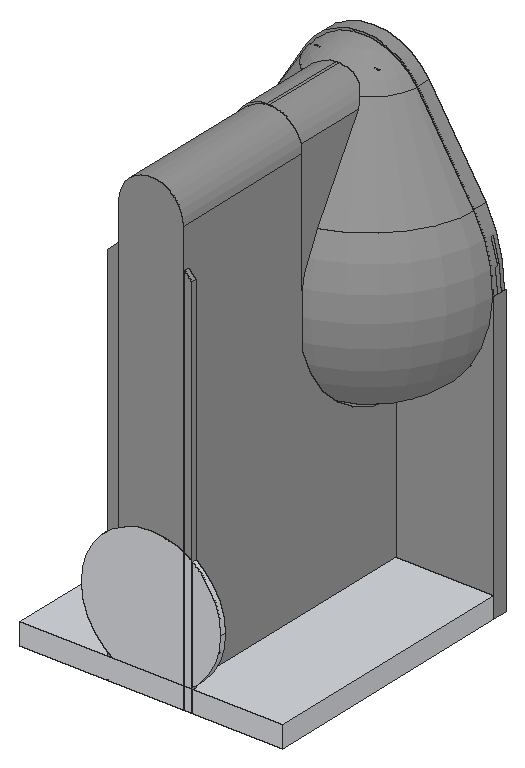
Revit family "Toilet-Willoughby-ASETF-1490-FM-BS", category Plumbing Fixtures, Revit 2015
Parameters (values of type "Standard")
  Waste DIA = 2 3/8"
  Waste Connection = yes
  W-RAD [instance] = Waste DIA / 2  # 0' - 1 3/16"
  Vent Connection = no
  URL = "https://www.willoughby-ind.com/wp-content/uploads/2018/01/ASETF-1490-FM.pdf"
  Type Comments = ""
  Revision = "A"
  Model = "ASETF-1490-FM-BS"
  Manufacturer = "Willoughby Industries"
  HW Connection = no
  Flush inlet DIA = 1 1/2"
  Flush Inlet Connection = yes
  Fixture Body = Stainless Steel AISI 304-Willoughby
  F-RAD [instance] = Flush inlet DIA / 2  # 0' - 0 3/4"
  Description = "Ligature resistant, Floor Outlet, Floor Mounted, Blowout Toilet, Back Spud"
  Default Elevation = 0' - 0"
  Contact Number = "(800) 428-4065"
  CW Connection = no
Reference planes (in)
  plane 1 "Base": y = -16.25
  plane 2: z = 0
  plane 3 "Center": x = 18.31072
  plane 4 "Waste height": y = -4.75
  plane 5: y = -1.25
  plane 6: z = -6.75
  plane 7: y = -2.125
  plane 8: y = -14.0625
  plane 9: y = 0.5
  plane 10: x = 16.56072
  plane 11: x = 20.06072
  plane 12: x = 11.56072
  plane 13: x = 25.06072
  plane 14: z = -3
  plane 15: z = 25
Forms (in)
  Extrusion 1, solid, material "Stainless Steel AISI 304-Willoughby" <- "Fixture Body"
    sketch origin (16.08109, 7.47968, -7.1422) x (-1, 0, 0) y (0, 0, -1)
      loop
        line (4.79427, -22.6422) -> (4.83287, -22.6422) -> (4.83287, -7.1422) -> (-9.29213, -7.1422) -> (-9.29213, -22.6422) -> (-9.19876, -22.6422)
        arc (-9.19876, -22.6422) -> (-8.97822, -24.61978) -> (-8.21015, -26.45542) r 7
        line (-8.21015, -26.45542) -> (-5.16818, -31.31054)
        arc (-5.16818, -31.31054) -> (-2.20225, -32.95225) -> (0.76368, -31.31054) r 3.5
        line (0.76368, -31.31054) -> (3.80565, -26.45542)
        arc (3.80565, -26.45542) -> (4.57373, -24.61978) -> (4.79427, -22.6422) r 7
      loop
        arc (2.03989, -24.70557) -> (-2.20225, -18.23804) -> (-6.44438, -24.70557) r 4.625
        line (-6.44438, -24.70557) -> (-4.04125, -30.23842)
        arc (-4.04125, -30.23842) -> (-2.20225, -31.45225) -> (-0.36324, -30.23842) r 2
        line (-0.36324, -30.23842) -> (2.03989, -24.70557)
    from 8.72968 to 9.5
  Revolve 2, solid, material "Stainless Steel AISI 304-Willoughby" <- "Fixture Body"
    sketch origin (19.37246, -1.52032, -3.93826) x (-1, 0, 0) y (0, 0, -1)
      loop
        line (1.06174, -12.59906) -> (1.06174, -12.84906)
        arc (1.06174, -12.84906) -> (6.96784, -16.33096) -> (6.78077, -23.18447) r 6.75
        line (6.78077, -23.18447) -> (3.81535, -27.91457)
        arc (3.81535, -27.91457) -> (2.63527, -29.03194) -> (1.06174, -29.43826) r 3.25
        line (1.06174, -29.43826) -> (1.06174, -29.68826)
        arc (1.06174, -29.68826) -> (2.75672, -29.25045) -> (4.02767, -28.04656) r 3.5
        line (4.02767, -28.04656) -> (7.06964, -23.19143)
        arc (7.06964, -23.19143) -> (7.15052, -16.14555) -> (1.06174, -12.59906) r 7
      axis (1.06174, -12.59906) -> (1.06174, -29.68826)
    angle from 0 to -180
  Extrusion 3, solid, material "Stainless Steel AISI 304-Willoughby" <- "Fixture Body"
    sketch origin (19.53334, -3.02032, -4.9508) x (0, 1, 0) y (0, 0, 1)
      loop
        line (-5.27082, 4.9508) -> (1, 4.9508) -> (1, 13.76086)
        arc (1, 13.76086) -> (-2.93256, 15.26109) -> (-5.27082, 18.76086) r 6.92744
        line (-5.27082, 18.76086) -> (-5.27082, 4.9508)
    from 0.52738 to -2.97262
  Extrusion 4, solid, material "Stainless Steel AISI 304-Willoughby" <- "Fixture Body"
    sketch origin (3.18998, -5.73681, 0) x (1, 0, 0) y (0, 1, 0)
      loop
        circle (15.12074, 2.61181) r 0.75
    from 0 to 1
  Extrusion 5, solid, material "Stainless Steel AISI 304-Willoughby" <- "Fixture Body"
    sketch origin (0, -16.25, 0) x (1, 0, 0) y (0, 0, 1)
      loop
        line (20.06072, 0) -> (20.06072, 23.28412)
        arc (20.06072, 23.28412) -> (18.31072, 25.03412) -> (16.56072, 23.28412) r 1.75
        line (16.56072, 23.28412) -> (16.56072, 0) -> (20.06072, 0)
    from 0 to -7.95886
  Extrusion 6, solid, material "Stainless Steel AISI 304-Willoughby" <- "Fixture Body"
    sketch origin (-0.06578, -16.25, 7) x (1, 0, 0) y (0, 0, 1)
      loop
        line (20.06072, -7) -> (20.56072, -7) -> (20.56072, 13.75) -> (20.06072, 14.25) -> (16.56072, 14.25) -> (16.06072, 13.75) -> (16.06072, -7) -> (16.56072, -7) -> (20.06072, -7)
    from 0 to -0.25
  Extrusion 7, solid, material "Stainless Steel AISI 304-Willoughby" <- "Fixture Body"
    sketch origin (18.31072, 0, 0) x (0, 1, 0) y (0, 0, 1)
      loop
        line (-3.0438, 25.03193) -> (-8.29114, 25.03193) -> (-8.29114, 16.73622)
        arc (-8.29114, 16.73622) -> (-8.25839, 17.11069) -> (-8.16113, 17.47379) r 2.15729
        arc (-8.16113, 17.47379) -> (-7.78826, 18.37428) -> (-7.33828, 19.23882) r 11.16687
        arc (-7.33828, 19.23882) -> (-5.85557, 21.70663) -> (-4.28753, 24.12112) r 82.3759
        arc (-4.28753, 24.12112) -> (-3.71235, 24.64027) -> (-3.0438, 25.03193) r 3.79911
    from 1.75 to -1.75
  Extrusion 8, void
    sketch origin (0, -16.25, 0) x (1, 0, 0) y (0, 0, 1)
      loop
        arc (16.43207, 23.28193) -> (16.94463, 24.51936) -> (18.18207, 25.03193) r 1.75
        line (18.18207, 25.03193) -> (16.43207, 25.03193) -> (16.43207, 23.28193)
    from -7.95886 to -13.18331
  Extrusion 9, void
    sketch origin (0, -16.25, 0) x (1, 0, 0) y (0, 0, 1)
      loop
        arc (18.34313, 25.03193) -> (19.49966, 24.59853) -> (20.12234, 23.53193) r 1.84176
        line (20.12234, 23.53193) -> (20.12234, 25.03193) -> (18.34313, 25.03193)
    from -7.95886 to -13.18919
  Extrusion 10, solid
    sketch origin (0, 0, 0) x (1, 0, 0) y (0, 1, 0)
      loop
        line (25.37322, -2.02032) -> (11.24822, -2.02032) -> (11.24822, -16.25) -> (25.37322, -16.25) -> (25.37322, -2.02032)
    from 1.125 to 0
  Extrusion 11, solid
    sketch origin (0, -16.25, 0) x (1, 0, 0) y (0, 0, 1)
      loop
        circle (18.31072, 4.25) r 3.75
    from 0 to -0.25
Cuts and joins
  joined: Extrusion 3, Extrusion 5
  Extrusion 8, Extrusion 9 cuts Extrusion 7
Lines and regions (in)
  symbolic lines
    curve 1: line (13.81072, -16.25, 0) -> (13.81072, -1.25, 0)
    curve 2: line (22.81072, -16.25, 0) -> (22.81072, -1.25, 0)
    curve 3: line (13.81072, -16.25, 0) -> (22.81072, -16.25, 0)
    curve 4: line (11.28334, -2.02032, 0) -> (11.28334, -1.25, 0)
    curve 5: line (11.28334, -1.25, 0) -> (25.28334, -1.25, 0)
    curve 6: line (25.28334, -1.25, 0) -> (25.28334, -2.02032, 0)
    curve 7: arc (25.28334, -2.02032, 0) -> (23.08185, -6.64916, 0) -> (18.31072, -8.52239, 0) r 6.97293
    curve 8: arc (18.31072, -8.52239, 0) -> (13.52793, -6.64299, 0) -> (11.28334, -2.02032, 0) r 7.06571
    curve 9: line (16.56072, -8.2982, 0) -> (16.56072, -16.25, 0)
    curve 10: line (20.06072, -16.25, 0) -> (20.06072, -8.30327, 0)
    curve 15: line (13.81072, -16.25, 0) -> (22.81072, -16.25, 0)
    curve 16: line (22.81072, -16.25, 0) -> (22.81072, -16.25, 1)
    curve 17: line (22.81072, -16.25, 1) -> (21.81072, -16.25, 1)
    curve 18: line (21.81072, -16.25, 0) -> (21.81072, -16.25, 9.67456)
    curve 19: line (14.78334, -16.25, 0) -> (14.78334, -16.25, 9.65867)
    curve 20: line (14.78334, -16.25, 1) -> (13.81072, -16.25, 1)
    curve 21: line (13.81072, -16.25, 1) -> (13.81072, -16.25, 0)
    curve 22: line (21.81072, -16.25, 5) -> (14.78334, -16.25, 5)
    curve 23: arc (21.81072, -16.25, 9.67456) -> (25.06245, -16.25, 13.97624) -> (24.29124, -16.25, 19.31322) r 7
    curve 24: line (24.29124, -16.25, 19.31322) -> (21.24927, -16.25, 24.16835)
    curve 25: arc (21.24927, -16.25, 24.16835) -> (19.98923, -16.25, 25.34792) -> (18.31072, -16.25, 25.75) r 3.37397
    curve 26: arc (18.31072, -16.25, 25.75) -> (16.62783, -16.25, 25.31163) -> (15.31741, -16.25, 24.16835) r 3.79331
    curve 27: line (15.31741, -16.25, 24.16835) -> (12.35249, -16.25, 19.43905)
    curve 28: arc (12.35249, -16.25, 19.43905) -> (11.49002, -16.25, 14.03241) -> (14.78334, -16.25, 9.65867) r 7
    curve 34: line (18.31072, -8.45513, 16.43593) -> (18.31072, -16.25, 16.43593)
    curve 35: line (18.31072, -16.25, 16.43593) -> (18.31072, -16.25, 0)
    curve 36: line (18.31072, -16.25, 0) -> (18.31072, 1.75, 0)
    curve 37: line (18.31072, 1.75, 0) -> (18.31072, 1.75, 5)
    curve 38: line (18.31072, 1.75, 5) -> (18.31072, -1.25, 5)
    curve 39: line (18.31072, -1.25, 5) -> (18.31072, -1.25, 25.81005)
    curve 40: line (18.31072, -1.25, 25.81005) -> (18.31072, -2.02032, 25.81005)
    curve 41: arc (18.31072, -2.02032, 25.81005) -> (18.31072, -3.17426, 25.3587) -> (18.31072, -4.14211, 24.58504) r 4.1253
    curve 42: line (18.31072, -4.14211, 24.58504) -> (18.31072, -7.52822, 19.25317)
    curve 43: arc (18.31072, -7.52822, 19.25317) -> (18.31072, -8.16721, 17.9023) -> (18.31072, -8.45513, 16.43593) r 6.04234
    curve 44: arc (18.31072, -8.45513, 16.43593) -> (18.31072, -8.2983, 15.12766) -> (18.31072, -8.29114, 13.81005) r 11.57712
    curve 45: arc (18.31072, -8.29114, 13.81005) -> (18.31072, -5.95289, 10.31029) -> (18.31072, -2.02032, 8.81005) r 6.92744
    curve 46: line (18.31072, -1.25, 9.65867) -> (18.31072, -2.02032, 9.65867)
    curve 47: line (18.31072, -2.02032, 9.65867) -> (18.31072, -2.02032, 1)
    curve 48: line (18.31072, -2.02032, 1) -> (18.31072, -16.25, 1)
  symbolic lines, detail levels medium+fine
    curve 11: line (20.06072, -16, 0) -> (20.56072, -16, 0)
    curve 12: line (20.56072, -16, 0) -> (20.56072, -16.25, 0)
    curve 13: line (16.56072, -16, 0) -> (16.06072, -16, 0)
    curve 14: line (16.06072, -16, 0) -> (16.06072, -16.25, 0)
  symbolic lines, detail levels fine
    curve 29: arc (14.0412, -16.25, 17.56337) -> (18.28334, -16.25, 11.09585) -> (22.52547, -16.25, 17.56337) r 4.625
    curve 30: line (22.52547, -16.25, 17.56337) -> (20.12234, -16.25, 23.09622)
    curve 31: arc (20.12234, -16.25, 23.09622) -> (19.38317, -16.25, 23.97635) -> (18.28334, -16.25, 24.31005) r 2.01767
    curve 32: arc (18.28334, -16.25, 24.31005) -> (17.17969, -16.25, 23.98213) -> (16.44433, -16.25, 23.09622) r 1.9827
    curve 33: line (16.44433, -16.25, 23.09622) -> (14.0412, -16.25, 17.56337)
  reference lines
    curve 49: line (18.31072, -16.27032, 0) -> (18.31072, -3.14532, 0)
Dimensions and locks (in)
  locked: plane 1 "Base" to plane 4 "Waste height" at 11.5
  locked: plane 1 "Base" to plane 5 at 15
  locked: plane 1 "Base" to plane 9 at 16.75
  plane 15 to level = 2' - 1"
  "F-RAD": radius of Extrusion 4 sketch curve
Automatic sketch dimensions
  plane 5 to curve 5 = 0' - 0"
  plane 1 "Base" to curve 3 = 0' - 0"
  curve 13 to plane 10 = 0' - 0"
  curve 8 to plane 3 "Center" = 0' - 0"
  curve 7 to plane 3 "Center" = 0' - 0"
  curve 10 to plane 11 = 0' - 0"
  curve 13 to plane 1 "Base" = 0' - 0 1/4"
  curve 13 to plane 10 = 0' - 0 1/2"
  curve 1 to curve 14 = 0' - 2 1/4"
  plane 7 to curve 4 = 0' - 0.10468"
  curve 4 to plane 12 = 0' - 0.27738"
  plane 3 "Center" to curve 7 = 0' - 0 1/64"
  plane 3 "Center" to curve 8 = 0' - 0.01581"
  curve 11 to curve 11 = 0' - 0 1/2"
  curve 3 to plane 13 = 0' - 2 1/4"
  curve 2 to curve 5 = 0' - 2.47262"
  curve 12 to curve 11 = 0' - 0 1/4"
  plane 7 to curve 6 = 0' - 0.10468"
  curve 35 to plane 1 "Base" = 0' - 0"
  curve 39 to plane 5 = 0' - 0"
  curve 37 to level = 0' - 0"
  plane 1 "Base" to curve 44 = 0' - 3.6029"
  plane 4 "Waste height" to curve 34 = 0' - 3.70513"
  plane 4 "Waste height" to curve 42 = 0' - 2.77822"
  curve 42 to plane 4 "Waste height" = 0' - 0.60789"
  curve 43 to plane 7 = 0' - 0.30255"
  plane 7 to curve 47 = 0' - 0.10468"
  plane 7 to curve 40 = 0' - 0.10468"
  plane 5 to curve 45 = 0' - 0.38413"
  curve 41 to plane 5 = 0' - 0.13839"
  curve 38 to plane 9 = 0' - 1 1/4"
  level to curve 48 = 0' - 1"
  level to curve 38 = 0' - 5"
  curve 38 to curve 47 = 0' - 4.65867"
  curve 44 to plane 15 = 0' - 10.59394"
  curve 46 to curve 45 = 0' - 6.06805"
  curve 45 to curve 43 = 0' - 0.28717"
  curve 44 to curve 35 = 0' - 2.02987"
  curve 41 to plane 15 = 0' - 3.21392"
  curve 42 to plane 15 = 0' - 0.41496"
  curve 44 to curve 45 = 0' - 0.16399"
  curve 23 to curve 28 = 0' - 0"  (x2)
  curve 23 to curve 29 = 0' - 0"  (x2)
  curve 28 to curve 29 = 0' - 0"  (x2)
  curve 21 to level = 0' - 0"
  curve 25 to plane 3 "Center" = 0' - 0"
  curve 26 to plane 3 "Center" = 0' - 0"
  curve 29 to plane 3 "Center" = 0' - 0.02738"
  curve 32 to plane 3 "Center" = 0' - 0.03882"
  curve 31 to curve 32 = 0' - 0.0002"
  curve 33 to plane 10 = 0' - 0.11639"
  curve 27 to plane 10 = 0' - 1.24331"
  curve 19 to plane 10 = 0' - 1.77738"
  plane 12 to curve 33 = 0' - 2 123/256"
  curve 15 to curve 19 = 0' - 0.97262"
  plane 12 to curve 27 = 0' - 0.79177"
  plane 3 "Center" to curve 25 = 0' - 0.07942"
  plane 3 "Center" to curve 26 = 0' - 0.08929"
  plane 11 to curve 30 = 0' - 0.06162"
  curve 24 to plane 15 = 0' - 0.83165"
  plane 11 to curve 24 = 0' - 1.18855"
  plane 11 to curve 18 = 0' - 1 3/4"
  plane 11 to curve 30 = 0' - 2.46475"
  curve 17 to curve 16 = 0' - 1"
  curve 24 to plane 13 = 0' - 0.76948"
  curve 15 to curve 16 = 0' - 1"
  curve 15 to curve 21 = 0' - 1"
  curve 20 to curve 19 = 0' - 8.65867"
  curve 19 to curve 18 = 0' - 0.01589"
  curve 19 to curve 28 = 0' - 6.06218"
  curve 33 to curve 27 = 0' - 1.87568"
  curve 26 to plane 15 = 0' - 3.04226"
  curve 31 to curve 25 = 0' - 0.08455"
  curve 31 to curve 32 = 0' - 0.03496"
  curve 33 to curve 26 = 0' - 1.07212"
  curve 30 to curve 24 = 0' - 1.07212"
  curve 17 to curve 22 = 0' - 4"
  Revolve 2 sketch curve to Revolve 2 sketch curve = 0' - 0"  (x2)
  Revolve 2 sketch curve to plane 3 "Center" = 0' - 0"  (x3)
  plane 3 "Center" to Revolve 2 sketch curve = 0' - 0"
  Revolve 2 sketch curve to plane 10 = 0' - 1.00361"
  Revolve 2 sketch curve to plane 15 = 0' - 0.8917"
  Revolve 2 sketch curve to Revolve 2 sketch curve = 0' - 0.21232"
  plane 12 to Revolve 2 sketch curve = 0' - 1.03097"
  Revolve 2 sketch curve to Revolve 2 sketch curve = 0' - 0.28887"
  plane 15 to Revolve 2 sketch curve = 0' - 0 1/2"
  Revolve 2 sketch curve to Revolve 2 sketch curve = 0' - 0 1/4"
  Revolve 2 sketch curve to Revolve 2 sketch curve = 0' - 0.13199"
  Revolve 2 sketch curve to Revolve 2 sketch curve = 0' - 4.85513"
  Revolve 2 sketch curve to Revolve 2 sketch curve = 0' - 0.00696"
  Revolve 2 sketch curve to Revolve 2 sketch curve = 0' - 6.5892"
  Revolve 2 sketch curve to Revolve 2 sketch curve = 0' - 3 1/4"
  Revolve 2 sketch curve to Revolve 2 sketch curve = 0' - 2.4108"
  Extrusion 3 sketch curve to level = 0' - 0"
  plane 4 "Waste height" to Extrusion 3 sketch curve = 0' - 3.54114"
  plane 7 to Extrusion 3 sketch curve = 0' - 0.10468"
  plane 5 to Extrusion 3 sketch curve = 0' - 0.38413"
  Extrusion 3 sketch curve to Extrusion 3 sketch curve = 0' - 8.81005"
  Extrusion 3 sketch curve to Extrusion 3 sketch curve = 0' - 5"
  Extrusion 5 sketch curve to level = 0' - 0"
  Extrusion 5 sketch curve to plane 10 = 0' - 0"
  Extrusion 5 sketch curve to plane 3 "Center" = 0' - 0"
  Extrusion 5 sketch curve to plane 15 = 0' - 1.71588"
  Extrusion 6 sketch curve to level = 0' - 0"
  Extrusion 6 sketch curve to plane 10 = 0' - 0.56578"
  Extrusion 6 sketch curve to plane 10 = 0' - 0.06578"  (x2)
  Extrusion 6 sketch curve to plane 11 = 0' - 0.06578"  (x2)
  plane 11 to Extrusion 6 sketch curve = 0' - 0.43422"
  Extrusion 6 sketch curve to plane 15 = 0' - 4 1/4"  (x2)
  Extrusion 6 sketch curve to Extrusion 6 sketch curve = 0' - 0 1/2"
  plane 15 to Extrusion 7 sketch curve = 0' - 0.03193"
  plane 4 "Waste height" to Extrusion 7 sketch curve = 0' - 3.54114"
  plane 4 "Waste height" to Extrusion 7 sketch curve = 0' - 1.38385"
  Extrusion 7 sketch curve to plane 7 = 0' - 0.9188"
  plane 5 to Extrusion 7 sketch curve = 0' - 0.21771"
  Extrusion 7 sketch curve to plane 9 = 0' - 1.83279"
  Extrusion 7 sketch curve to plane 6 = 1' - 3.19552"
  Extrusion 7 sketch curve to plane 9 = 5' - 3.50343"
  Extrusion 7 sketch curve to plane 15 = 0' - 11.34412"
  Extrusion 7 sketch curve to plane 15 = 0' - 8.26378"
  Extrusion 7 sketch curve to plane 15 = 0' - 3.42484"
  Extrusion 7 sketch curve to Extrusion 7 sketch curve = 0' - 0"  (x2)
  plane 15 to Extrusion 8 sketch curve = 0' - 0.03193"
  Extrusion 8 sketch curve to plane 10 = 0' - 0.12865"
  Extrusion 8 sketch curve to plane 3 "Center" = 0' - 0.12865"
  plane 3 "Center" to Extrusion 9 sketch curve = 0' - 0.0018"
  plane 15 to Extrusion 9 sketch curve = 0' - 0.03193"
  plane 11 to Extrusion 9 sketch curve = 0' - 0.06162"
  plane 3 "Center" to Extrusion 9 sketch curve = 0' - 0.03241"
  Extrusion 9 sketch curve to plane 15 = 0' - 1.46807"
  Extrusion 1 sketch curve to Extrusion 1 sketch curve = 0' - 0"  (x6)
  Extrusion 1 sketch curve to level = 0' - 0"
  plane 13 to Extrusion 1 sketch curve = 0' - 0 5/16"
  Extrusion 1 sketch curve to Extrusion 1 sketch curve = 0' - 0.09337"
  Extrusion 1 sketch curve to plane 13 = 0' - 0.76948"
  plane 11 to Extrusion 1 sketch curve = 0' - 2.46475"
  plane 11 to Extrusion 1 sketch curve = 0' - 1.18855"
  plane 11 to Extrusion 1 sketch curve = 0' - 0.06162"
  Extrusion 1 sketch curve to plane 3 "Center" = 0' - 0.02738"  (x2)
  Extrusion 1 sketch curve to plane 10 = 0' - 0.11639"
  Extrusion 1 sketch curve to plane 15 = 0' - 0.83165"
  Extrusion 1 sketch curve to plane 10 = 0' - 1.24331"
  plane 12 to Extrusion 1 sketch curve = 0' - 2 123/256"
  plane 12 to Extrusion 1 sketch curve = 0' - 0.71472"
  Extrusion 1 sketch curve to plane 12 = 0' - 0 5/16"
  Extrusion 1 sketch curve to Extrusion 1 sketch curve = 0' - 1.07212"
  Extrusion 1 sketch curve to Extrusion 1 sketch curve = 0' - 0.78617"
  Extrusion 1 sketch curve to Extrusion 1 sketch curve = 0' - 3.783"
  Extrusion 1 sketch curve to Extrusion 1 sketch curve = 0' - 1.74985"
  Extrusion 1 sketch curve to Extrusion 1 sketch curve = 0' - 1.84253"
  Extrusion 1 sketch curve to Extrusion 1 sketch curve = 0' - 2.06337"
  Extrusion 1 sketch curve to Extrusion 1 sketch curve = 0' - 0.0386"
  plane 7 to Extrusion 10 sketch curve = 0' - 0.10468"
  Extrusion 10 sketch curve to plane 12 = 0' - 0 5/16"
  plane 1 "Base" to Extrusion 10 sketch curve = 0' - 0"
  plane 13 to Extrusion 10 sketch curve = 0' - 0 5/16"
  curve 49 to plane 3 "Center" = 0' - 0"
  plane 1 "Base" to curve 49 = 0' - 0.02032"
  curve 49 to plane 7 = 0' - 1.02032"
  Extrusion 4 sketch curve to plane 3 "Center" = 0' - 0"
  Extrusion 4 sketch curve to plane 7 = 0' - 1"
  Extrusion 11 sketch curve to plane 3 "Center" = 0' - 0"
  level to Extrusion 11 sketch curve = 0' - 4 1/4"
  radius of Extrusion 11 sketch curve = 0' - 3 3/4"
Connectors (in)
  piping at (18.31072, -3.125, 1), diameter 1.5, driven by "F-RAD", driven by "Flush Inlet Connection"
    settings: on Extrusion 4, index 2, connector inside diameter 1 1/2", connector length 0' - 0", flow factor 0, pipe flow 0 GPM, pressure drop 0.00 psi, fitting loss kfactor 0, connector angle 0.00°, fixture units 0, engagement length 0' - 0", angle of deflection 0.00°, flow configuration 0, flow direction 1, fitting loss method 0, system type 20, joint type 0, gender type 0, connector reference index -1, connector utility 1, adjustable connector no, is connector primary yes, connector description "Flush Inlet"
  piping at (18.31072, -16.25, 4.25), diameter 2.5
    settings: on Extrusion 11, index 3, connector inside diameter 24", connector length 0' - 0", flow factor 0, pipe flow 0 GPM, pressure drop 0.00 psi, fitting loss kfactor 0, connector angle 0.00°, fixture units 0, engagement length 0' - 0", angle of deflection 0.00°, flow configuration 0, flow direction 0, fitting loss method 0, system type 7, joint type 0, gender type 0, connector reference index -1, connector utility 0, adjustable connector no, is connector primary no, connector description ""
